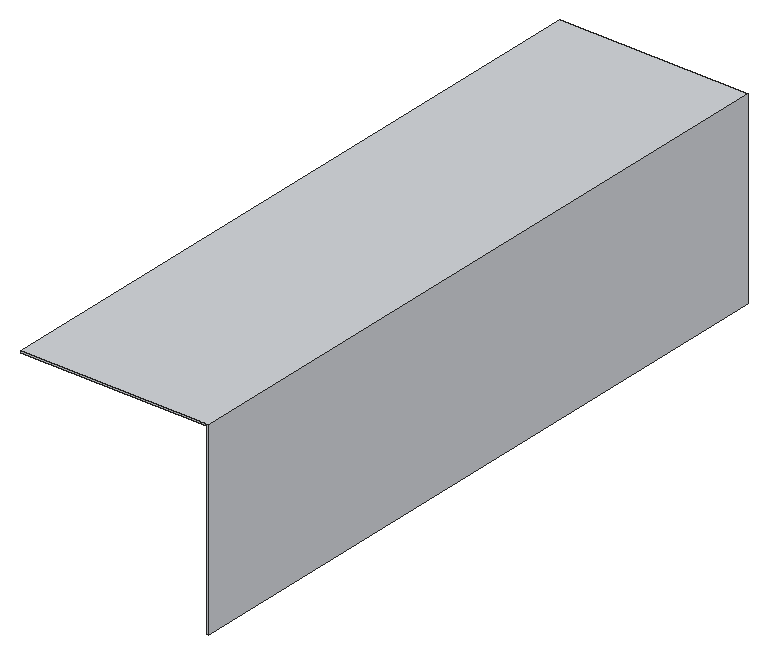
Revit family "KEUCO_14943000410", category Allgemeines Modell, Revit 2016
Family settings
  Teiletyp = Normal
  Kann Basisbauteil für Bewehrung sein = Nein
  Bemaßung runder Anschluss = Durchmesser verwenden
  Arbeitsebenenbasiert = Ja
  Immer vertikal = Nein
  Beim Laden mit Abzugskörper schneiden = Nein
  Gemeinsam genutzt = Nein
  Raumberechnungspunkt = Nein
Parameters (values of type "14943000420")
  Verwendung = "DU"  # constant formula
  URL = "https://www.keuco.com/de/produkte/sortiment/artikel/?pid=14943&oid=5&pgo=37&country=de&lang=de&vid=14943000420"
  Typenbild = <Keine Auswahl>
  Preisgruppe = ""
  Max. Länge = if(Längetyp = 1, 1400 mm, if(Längetyp = 2, 2000 mm, if(Längetyp = 3, 3000 mm, 1400 mm)))  # 2000 mm
  Materialien bei Hersteller anfragen = "Anfrage zu:  objektmanagement@keuco.de"
  Länge-A [instance] = 500 mm
  Länge-B = 500 mm
  Längetyp = 2
  Kategorie = ""
  Höhe = 1800 mm  # constant formula
  Volle Länge [instance] = if([Länge-B] + [Länge-A] < Max. Länge, [Länge-B] + [Länge-A], Max. Länge)  # 1000 mm
  Gewicht = 0
  Beschreibung = "schwer entflammbar nach DIN 4102/B1\r\n100 % Trevira, 80 g/m², seitlich gesäumt,\r\nVerstärkungsband für Edelstahlösen\r\nAbstand der Ösen ca. 20 cm\r\nEdelstahl-Rollsaum auf rechts genäht, per Meter 50 g\r\nduschdicht, fungizid, antibakteriell, antistatisch,\r\nkalandert, bei 30 °C waschbar, Einlaufquote 1-2 %\r\nschadstoffgeprüft nach Öko-Tex-Standard 100\r\nkomplett mit Vorhangringen, weiß"
  Default Elevation = 0 mm
  Serie = "Plan"  # constant formula
  Material = trüffel/16 Ösen
  Hersteller = "KEUCO"  # constant formula
  Assembly Code = ""
  Ausschreibungstext = "KEUCO PLAN Duschvorhang PLAN Flame CS 14943000420\r\n2000 x 1800 mm wollweiß/ 8 Ösen\r\nschwer entflammbar nach DIN 4102/B1\r\n100 % Trevira, 80 g/m²\r\nseitlich gesäumt, Verstärkungsband für Edelstahlösen\r\nAbstand der Ösen ca. 20 cm\r\nEdelstahl-Rollsaum auf rechts genäht, per Meter 50 g\r\nduschdicht, fungizid, antibakteriell, antistatisch, \r\nkalandert bei 30 Grad waschbar, Einlaufquote 1-2 %\r\nschadstoffgeprüft nach Öko-Tex-Standard 100\r\nkomplett mit Vorhangringen, weiß\r\n\r\nHinweis zu den Maßen:\r\nBei den angegebenen Maßen handelt es sich um fertige Vorhangmaße.\r\nDamit der Vorhang nicht im Wannenboden \r\noder auf dem Fußboden aufliegt, empfehlen wir: \r\nAbstand vom Duschvorhang zum Boden ca. 30 mm.\r\nAbstand zwischen Stangenmitte und Oberkante Duschvorhang ca. 40 mm.\r\n\r\nDie Vorhangbreite sollte ca. das 1,3 bis 1,5-fache \r\nder Vorhangstangenlänge betragen."
  Artikelnummer = "14943000420"
Types (9, lengths in mm): name | URL | Max. Länge | Materialien bei Hersteller anfragen | Längetyp | Beschreibung | Default Elevation | Material | Ausschreibungstext | Artikelnummer
  14943000410 | "https://www.keuco.com/de/produkte/sortiment/artikel/?pid=14943&oid=5&pgo=37&country=de&lang=de&vid=14943000410" | 1400 | "Request to:  objektmanagement@keuco.de" | 1 | "schwer entflammbar nach DIN 4102/B1\r\n100 % Trevira, 80 g/m², seitlich gesäumt,\r\nVerstärkungsband für Edelstahlösen\r\nAbstand der Ösen ca. 20 cm\r\nEdelstahl-Rollsaum auf rechts genäht, per Meter 50 g\r\nduschdicht, fungizid, antibakteriell, antistatisch,\r\nkalandert, bei 30 °C waschbar, Einlaufquote 1-2 %\r\nschadstoffgeprüft nach Öko-Tex-Standard 100\r\nkomplett mit Vorhangringen, weiß" | 1800 | wollweiß/8 Ösen | "KEUCO PLAN Duschvorhang PLAN Flame CS 14943000410\r\n1400 x 1800 mm wollweiß/ 8 Ösen\r\nschwer entflammbar nach DIN 4102/B1\r\n100 % Trevira, 80 g/m²\r\nseitlich gesäumt, Verstärkungsband für Edelstahlösen\r\nAbstand der Ösen ca. 20 cm\r\nEdelstahl-Rollsaum auf rechts genäht, per Meter 50 g\r\nduschdicht, fungizid, antibakteriell, antistatisch, \r\nkalandert bei 30 Grad waschbar, Einlaufquote 1-2 %\r\nschadstoffgeprüft nach Öko-Tex-Standard 100\r\nkomplett mit Vorhangringen, weiß\r\n\r\nHinweis zu den Maßen:\r\nBei den angegebenen Maßen handelt es sich um fertige Vorhangmaße.\r\nDamit der Vorhang nicht im Wannenboden \r\noder auf dem Fußboden aufliegt, empfehlen wir: \r\nAbstand vom Duschvorhang zum Boden ca. 30 mm.\r\nAbstand zwischen Stangenmitte und Oberkante Duschvorhang ca. 40 mm.\r\n\r\nDie Vorhangbreite sollte ca. das 1,3 bis 1,5-fache \r\nder Vorhangstangenlänge betragen." | "14943000410"
  14943000420 | "https://www.keuco.com/de/produkte/sortiment/artikel/?pid=14943&oid=5&pgo=37&country=de&lang=de&vid=14943000420" | 2000 | "Anfrage zu:  objektmanagement@keuco.de" | 2 | "schwer entflammbar nach DIN 4102/B1\r\n100 % Trevira, 80 g/m², seitlich gesäumt,\r\nVerstärkungsband für Edelstahlösen\r\nAbstand der Ösen ca. 20 cm\r\nEdelstahl-Rollsaum auf rechts genäht, per Meter 50 g\r\nduschdicht, fungizid, antibakteriell, antistatisch,\r\nkalandert, bei 30 °C waschbar, Einlaufquote 1-2 %\r\nschadstoffgeprüft nach Öko-Tex-Standard 100\r\nkomplett mit Vorhangringen, weiß" | 0 | trüffel/16 Ösen | "KEUCO PLAN Duschvorhang PLAN Flame CS 14943000420\r\n2000 x 1800 mm wollweiß/ 8 Ösen\r\nschwer entflammbar nach DIN 4102/B1\r\n100 % Trevira, 80 g/m²\r\nseitlich gesäumt, Verstärkungsband für Edelstahlösen\r\nAbstand der Ösen ca. 20 cm\r\nEdelstahl-Rollsaum auf rechts genäht, per Meter 50 g\r\nduschdicht, fungizid, antibakteriell, antistatisch, \r\nkalandert bei 30 Grad waschbar, Einlaufquote 1-2 %\r\nschadstoffgeprüft nach Öko-Tex-Standard 100\r\nkomplett mit Vorhangringen, weiß\r\n\r\nHinweis zu den Maßen:\r\nBei den angegebenen Maßen handelt es sich um fertige Vorhangmaße.\r\nDamit der Vorhang nicht im Wannenboden \r\noder auf dem Fußboden aufliegt, empfehlen wir: \r\nAbstand vom Duschvorhang zum Boden ca. 30 mm.\r\nAbstand zwischen Stangenmitte und Oberkante Duschvorhang ca. 40 mm.\r\n\r\nDie Vorhangbreite sollte ca. das 1,3 bis 1,5-fache \r\nder Vorhangstangenlänge betragen." | "14943000420"
  14943000430 | "https://www.keuco.com/de/produkte/sortiment/artikel/?pid=14943&oid=5&pgo=37&country=de&lang=de&vid=14943000430" | 3000 | "Request to:  objektmanagement@keuco.de" | 3 | "schwer entflammbar nach DIN 4102/B1\r\n100 % Trevira, 80 g/m², seitlich gesäumt,\r\nVerstärkungsband für Edelstahlösen\r\nAbstand der Ösen ca. 20 cm\r\nEdelstahl-Rollsaum auf rechts genäht, per Meter 50 g\r\nduschdicht, fungizid, antibakteriell, antistatisch,\r\nkalandert, bei 30 °C waschbar, Einlaufquote 1-2 %\r\nschadstoffgeprüft nach Öko-Tex-Standard 100\r\nkomplett mit Vorhangringen, weiß" | 0 | wollweiß/16 Ösen | "KEUCO PLAN Duschvorhang PLAN Flame CS 14943000430\r\n3000 x 1800 mm wollweiß/ 8 Ösen\r\nschwer entflammbar nach DIN 4102/B1\r\n100 % Trevira, 80 g/m²\r\nseitlich gesäumt, Verstärkungsband für Edelstahlösen\r\nAbstand der Ösen ca. 20 cm\r\nEdelstahl-Rollsaum auf rechts genäht, per Meter 50 g\r\nduschdicht, fungizid, antibakteriell, antistatisch, \r\nkalandert bei 30 Grad waschbar, Einlaufquote 1-2 %\r\nschadstoffgeprüft nach Öko-Tex-Standard 100\r\nkomplett mit Vorhangringen, weiß\r\n\r\nHinweis zu den Maßen:\r\nBei den angegebenen Maßen handelt es sich um fertige Vorhangmaße.\r\nDamit der Vorhang nicht im Wannenboden \r\noder auf dem Fußboden aufliegt, empfehlen wir: \r\nAbstand vom Duschvorhang zum Boden ca. 30 mm.\r\nAbstand zwischen Stangenmitte und Oberkante Duschvorhang ca. 40 mm.\r\n\r\nDie Vorhangbreite sollte ca. das 1,3 bis 1,5-fache \r\nder Vorhangstangenlänge betragen." | "14943000430"
  14943000510 | "https://www.keuco.com/de/produkte/sortiment/artikel/?pid=14943&oid=1&pgo=37&country=de&lang=de&vid=14943000510" | 1400 | "Request to:  objektmanagement@keuco.de" | 1 | "100 % Trevira, 80 g/m², seitlich gesäumt,\r\nVerstärkungsband für Edelstahlösen\r\nAbstand der Ösen ca. 20 cm\r\nEdelstahl-Rollsaum auf rechts genäht, per Meter 50 g\r\nduschdicht, fungizid, antibakteriell, antistatisch,\r\nkalandert, bei 30 °C waschbar, Einlaufquote 1-2 %\r\nschadstoffgeprüft nach Öko-Tex-Standard 100\r\nkomplett mit Vorhangringen, weiß" | 0 | trüffel/8 Ösen | "KEUCO PLAN Duschvorhang PLAN uni 14943000510 \r\n1400 x 1800 mm, trüffel/8 Ösen\r\n100 % Trevira, 80 g/m²\r\nseitlich gesäumt, Verstärkungsband für Edelstahlösen\r\nAbstand der Ösen ca. 20 cm\r\nEdelstahl-Rollsaum auf rechts genäht, per Meter 50 g\r\nduschdicht, fungizid, antibakteriell, antistatisch, \r\nkalandert, bei 30 Grad waschbar, Einlaufquote 1-2 %\r\nschadstoffgeprüft nach Öko-Tex-Standard 100\r\nkomplett mit Vorhangringen, weiß\r\n\r\nHinweis zu den Maßen:\r\nBei den angegeben Maßen handelt es sich um fertige Vorhangmaße.\r\nDamit der Vorhang nicht im Wannenboden \r\noder auf dem Fußboden aufliegt, empfehlen wir: \r\nAbstand vom Duschvorhang zum Boden ca. 30 mm. \r\nAbstand zwischen Stangenmitte und Oberkante Duschvorhang ca. 40 mm.\r\n\r\nDie Vorhangbreite sollte ca. das 1,3 bis 1,5-fache \r\nder Vorhangstangenlänge betragen." | "14943000510"
  14943000520 | "https://www.keuco.com/de/produkte/sortiment/artikel/?pid=14943&oid=1&pgo=37&country=de&lang=de&vid=14943000520" | 2000 | "Request to:  objektmanagement@keuco.de" | 2 | "100 % Trevira, 80 g/m², seitlich gesäumt,\r\nVerstärkungsband für Edelstahlösen\r\nAbstand der Ösen ca. 20 cm\r\nEdelstahl-Rollsaum auf rechts genäht, per Meter 50 g\r\nduschdicht, fungizid, antibakteriell, antistatisch,\r\nkalandert, bei 30 °C waschbar, Einlaufquote 1-2 %\r\nschadstoffgeprüft nach Öko-Tex-Standard 100\r\nkomplett mit Vorhangringen, weiß" | 0 | trüffel/11 Ösen | "KEUCO PLAN Duschvorhang PLAN uni 14943000520, 2000 x 1800 mm, \r\ntrüffel/11 Ösen\r\n100 % Trevira, 80 g/m²\r\nseitlich gesäumt, Verstärkungsband für Edelstahlösen\r\nAbstand der Ösen ca. 20 cm\r\nEdelstahl-Rollsaum auf rechts genäht, per Meter 50 g\r\nduschdicht, fungizid, antibakteriell, antistatisch, \r\nkalandert, bei 30 Grad waschbar, Einlaufquote 1-2 %\r\nschadstoffgeprüft nach Öko-Tex-Standard 100\r\nkomplett mit Vorhangringen, weiß\r\n\r\nHinweis zu den Maßen:\r\nBei den angegeben Maßen handelt es sich um fertige Vorhangmaße.\r\nDamit der Vorhang nicht im Wannenboden \r\noder auf dem Fußboden aufliegt, empfehlen wir: \r\nAbstand vom Duschvorhang zum Boden ca. 30 mm. \r\nAbstand zwischen Stangenmitte und Oberkante Duschvorhang ca. 40 mm.\r\n\r\nDie Vorhangbreite sollte ca. das 1,3 bis 1,5-fache \r\nder Vorhangstangenlänge betragen." | "14943000520"
  14943000530 | "https://www.keuco.com/de/produkte/sortiment/artikel/?pid=14943&oid=1&pgo=37&country=de&lang=de&vid=14943000530" | 3000 | "Request to:  objektmanagement@keuco.de" | 3 | "100 % Trevira, 80 g/m², seitlich gesäumt,\r\nVerstärkungsband für Edelstahlösen\r\nAbstand der Ösen ca. 20 cm\r\nEdelstahl-Rollsaum auf rechts genäht, per Meter 50 g\r\nduschdicht, fungizid, antibakteriell, antistatisch,\r\nkalandert, bei 30 °C waschbar, Einlaufquote 1-2 %\r\nschadstoffgeprüft nach Öko-Tex-Standard 100\r\nkomplett mit Vorhangringen, weiß" | 0 | trüffel/16 Ösen | "KEUCO PLAN Duschvorhang PLAN uni 14943000530 \r\n3000 x 1800 mm, trüffel/16 Ösen\r\n100 % Trevira, 80 g/m²\r\nseitlich gesäumt, Verstärkungsband für Edelstahlösen\r\nAbstand der Ösen ca. 20 cm\r\nEdelstahl-Rollsaum auf rechts genäht, per Meter 50 g\r\nduschdicht, fungizid, antibakteriell, antistatisch, \r\nkalandert, bei 30 Grad waschbar, Einlaufquote 1-2 %\r\nschadstoffgeprüft nach Öko-Tex-Standard 100\r\nkomplett mit Vorhangringen, weiß\r\n\r\nHinweis zu den Maßen:\r\nBei den angegeben Maßen handelt es sich um fertige Vorhangmaße.\r\nDamit der Vorhang nicht im Wannenboden \r\noder auf dem Fußboden aufliegt, empfehlen wir: \r\nAbstand vom Duschvorhang zum Boden ca. 30 mm. \r\nAbstand zwischen Stangenmitte und Oberkante Duschvorhang ca. 40 mm.\r\n\r\nDie Vorhangbreite sollte ca. das 1,3 bis 1,5-fache der Vorhangstangenlänge betragen." | "14943000530"
  14943000610 | "https://www.keuco.com/de/produkte/sortiment/artikel/?pid=14943&oid=1&pgo=37&country=de&lang=de&vid=14943000610" | 1400 | "Request to:  objektmanagement@keuco.de" | 1 | "100 % Trevira, 80 g/m², seitlich gesäumt,\r\nVerstärkungsband für Edelstahlösen\r\nAbstand der Ösen ca. 20 cm\r\nEdelstahl-Rollsaum auf rechts genäht, per Meter 50 g\r\nduschdicht, fungizid, antibakteriell, antistatisch,\r\nkalandert, bei 30 °C waschbar, Einlaufquote 1-2 %\r\nschadstoffgeprüft nach Öko-Tex-Standard 100\r\nkomplett mit Vorhangringen, weiß" | 0 | anthrazit/8 Ösen | "KEUCO PLAN Duschvorhang PLAN uni 14943000610 \r\n1400 x 1800 mm, anthrazit/8 Ösen\r\n100 % Trevira, 80 g/m²\r\nseitlich gesäumt, Verstärkungsband für Edelstahlösen\r\nAbstand der Ösen ca. 20 cm\r\nEdelstahl-Rollsaum auf rechts genäht, per Meter 50 g\r\nduschdicht, fungizid, antibakteriell, antistatisch, \r\nkalandert, bei 30 Grad waschbar, Einlaufquote 1-2 %\r\nschadstoffgeprüft nach Öko-Tex-Standard 100\r\nkomplett mit Vorhangringen, weiß\r\n\r\nHinweis zu den Maßen:\r\nBei den angegeben Maßen handelt es sich um fertige Vorhangmaße.\r\nDamit der Vorhang nicht im Wannenboden \r\noder auf dem Fußboden aufliegt, empfehlen wir: \r\nAbstand vom Duschvorhang zum Boden ca. 30 mm. \r\nAbstand zwischen Stangenmitte und Oberkante Duschvorhang ca. 40 mm.\r\n\r\nDie Vorhangbreite sollte ca. das 1,3 bis 1,5-fache \r\nder Vorhangstangenlänge betragen." | "14943000610"
  14943000620 | "https://www.keuco.com/de/produkte/sortiment/artikel/?pid=14943&oid=1&pgo=37&country=de&lang=de&vid=14943000620" | 2000 | "Request to:  objektmanagement@keuco.de" | 2 | "100 % Trevira, 80 g/m², seitlich gesäumt,\r\nVerstärkungsband für Edelstahlösen\r\nAbstand der Ösen ca. 20 cm\r\nEdelstahl-Rollsaum auf rechts genäht, per Meter 50 g\r\nduschdicht, fungizid, antibakteriell, antistatisch,\r\nkalandert, bei 30 °C waschbar, Einlaufquote 1-2 %\r\nschadstoffgeprüft nach Öko-Tex-Standard 100\r\nkomplett mit Vorhangringen, weiß" | 0 | anthrazit/11 Ösen | "KEUCO PLAN Duschvorhang PLAN uni 14943000620 \r\n2000 x 1800 mm, anthrazit/11 Ösen\r\n100 % Trevira, 80 g/m²\r\nseitlich gesäumt, Verstärkungsband für Edelstahlösen\r\nAbstand der Ösen ca. 20 cm\r\nEdelstahl-Rollsaum auf rechts genäht, per Meter 50 g\r\nduschdicht, fungizid, antibakteriell, antistatisch, \r\nkalandert, bei 30 Grad waschbar, Einlaufquote 1-2 %\r\nschadstoffgeprüft nach Öko-Tex-Standard 100\r\nkomplett mit Vorhangringen, weiß\r\n\r\nHinweis zu den Maßen:\r\nBei den angegeben Maßen handelt es sich um fertige Vorhangmaße.\r\nDamit der Vorhang nicht im Wannenboden \r\noder auf dem Fußboden aufliegt, empfehlen wir: \r\nAbstand vom Duschvorhang zum Boden ca. 30 mm. \r\nAbstand zwischen Stangenmitte und Oberkante Duschvorhang ca. 40 mm.\r\n\r\nDie Vorhangbreite sollte ca. das 1,3 bis 1,5-fache \r\nder Vorhangstangenlänge betragen." | "14943000620"
  14943000630 | "https://www.keuco.com/de/produkte/sortiment/artikel/?pid=14943&oid=1&pgo=37&country=de&lang=de&vid=14943000630" | 3000 | "Request to:  objektmanagement@keuco.de" | 3 | "100 % Trevira, 80 g/m², seitlich gesäumt,\r\nVerstärkungsband für Edelstahlösen\r\nAbstand der Ösen ca. 20 cm\r\nEdelstahl-Rollsaum auf rechts genäht, per Meter 50 g\r\nduschdicht, fungizid, antibakteriell, antistatisch,\r\nkalandert, bei 30 °C waschbar, Einlaufquote 1-2 %\r\nschadstoffgeprüft nach Öko-Tex-Standard 100\r\nkomplett mit Vorhangringen, weiß" | 0 | anthrazit/16 Ösen | "KEUCO PLAN Duschvorhang PLAN uni 14943000630 \r\n3000 x 1800 mm, anthrazit/16 Ösen\r\n100 % Trevira, 80 g/m²\r\nseitlich gesäumt, Verstärkungsband für Edelstahlösen\r\nAbstand der Ösen ca. 20 cm\r\nEdelstahl-Rollsaum auf rechts genäht, per Meter 50 g\r\nduschdicht, fungizid, antibakteriell, antistatisch, \r\nkalandert, bei 30 Grad waschbar, Einlaufquote 1-2 %\r\nschadstoffgeprüft nach Öko-Tex-Standard 100\r\nkomplett mit Vorhangringen, weiß\r\n\r\nHinweis zu den Maßen:\r\nBei den angegeben Maßen handelt es sich um fertige Vorhangmaße.\r\nDamit der Vorhang nicht im Wannenboden \r\noder auf dem Fußboden aufliegt, empfehlen wir: \r\nAbstand vom Duschvorhang zum Boden ca. 30 mm. \r\nAbstand zwischen Stangenmitte und Oberkante Duschvorhang ca. 40 mm.\r\n\r\nDie Vorhangbreite sollte ca. das 1,3 bis 1,5-fache \r\nder Vorhangstangenlänge betragen." | "14943000630"
Reference planes
  plane 1 "Center (Front/Back)": y = 0
  plane 2: z = 0
  plane 3 "Center (Left/Right)": x = 0
  plane 4: x = -500
  plane 5: x = -2
  plane 6: x = 2
  plane 7: y = -1800
  plane 8: z = 500
Forms (mm)
  Sweep 1, solid
    path origin (0, 0, 1166.544) x (0, 0, 1) y (-1, 0, 0)
      loop
        line (-1166.544, 0) -> (-666.544, 0) -> (-666.544, 500)
    profile origin (0, 0, 250) x (-1, 0, 0) y (0, -1, 0)
      loop
        line (-2, 0) -> (2, 0) -> (2, 1800) -> (-2, 1800) -> (-2, 0)
Dimensions and locks
  locked: plane 5 to plane 6 at 4
  "Höhe": plane 7 to plane 1 "Center (Front/Back)"
  "Länge-B": plane 3 "Center (Left/Right)" to plane 4
  "Länge-A": plane 8 to plane 2
  aligned and locked: level to plane 2
  aligned and locked: plane 6 to Sweep 1 sketch curve
  aligned and locked: profile plane to Sweep 1 sketch curve
  aligned and locked: Sweep 1 sketch curve to plane 5
  aligned and locked: Sweep 1 sketch curve to plane 7
  aligned and locked: plane 4 to Sweep 1 sketch curve
  aligned and locked: plane 2 to Sweep 1 sketch curve
  aligned and locked: plane 8 to Sweep 1 sketch curve
  aligned and locked: plane 3 "Center (Left/Right)" to Sweep 1 sketch curve
